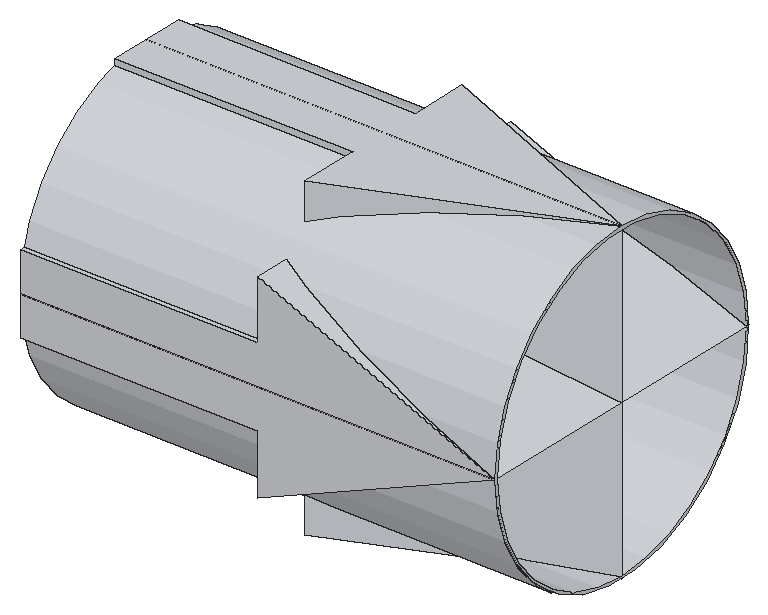
Revit family "Pipe Label", category Pipe Accessories, Revit 2021
Family settings
  Round Connector Dimension = Use Diameter
  Part Type = Normal
  Work Plane-Based = Yes
  Always vertical = Yes
  Cut with Voids When Loaded = No
  Shared = No
Parameters
  Radius [instance] = Oversize Diameter / 2  # 0' - 1"
  Oversize Diameter [instance] = Diameter + 0' 1"  # 0' - 2"
  Negative Radius [instance] = (Oversize Diameter / 2) * (-1)  # -0' - 1"
  Length [instance] = 0' - 3"
  Inner Diameter [instance] = Oversize Diameter - 0' 0 1/32"  # 0' - 1 31/32"
  GTP_PointRole_0 [instance] = ""
  GTP_PointNumber_0 [instance] = ""
  GTP_PointElement_0 [instance] = ""
  GTP_LinkedParam_0 [instance] = "GTP_PointNumber_0"
  Diameter [instance] = 0' - 1"
  Default Elevation = 4' - 0"
Reference planes (in)
  plane 1 "Center (Front/Back)": y = 0
  plane 2: z = 0
  plane 3 "Center (Left/Right)": x = 0
  plane 4: x = -1.5
  plane 5: x = 1.5
Forms (in)
  Extrusion 1, solid
    sketch origin (0, 0, 3) x (0, 1, 0) y (0, 0, 1)
      loop
        circle (0, -3) r 1
      loop
        circle (0, -3) r 0.98438
    from -1.5 to 1.5
  Extrusion 2, solid
    sketch origin (0, 0, 0) x (1, 0, 0) y (0, 1, 0)
      loop
        line (-1.5, -0.25) -> (0, -0.25) -> (0, -0.625) -> (1.5, 0) -> (0, 0.61206) -> (0, 0.25) -> (-1.5, 0.25) -> (-1.5, -0.25)
    from -1 <- "Negative Radius" to 1 <- "Radius"
  Extrusion 3, solid
    sketch origin (0, 0, 0) x (1, 0, 0) y (0, 0, 1)
      loop
        line (0, 0.625) -> (0, 0.25) -> (-1.5, 0.25) -> (-1.5, -0.25) -> (0, -0.25) -> (0, -0.625) -> (1.5, 0) -> (0, 0.625)
    from -1 <- "Negative Radius" to 1 <- "Radius"
Dimensions and locks (in)
  equal spacing: plane 4, plane 3 "Center (Left/Right)", plane 5
  "Length": plane 4 to plane 5
  "Oversize Diameter": diameter of Extrusion 1 sketch curve
  "Inner Diameter": diameter of Extrusion 1 sketch curve
  aligned and locked: plane 2 to level
  aligned and locked: Extrusion 1 to plane 4
  aligned and locked: plane 5 to Extrusion 1
Automatic sketch dimensions
  Extrusion 2 sketch curve to plane 4 = 0' - 0"
  Extrusion 2 sketch curve to plane 3 "Center (Left/Right)" = 0' - 0"  (x2)
  plane 1 "Center (Front/Back)" to Extrusion 2 sketch curve = 0' - 0"
  Extrusion 2 sketch curve to plane 5 = 0' - 0"
  plane 1 "Center (Front/Back)" to Extrusion 2 sketch curve = 0' - 0 1/4"
  Extrusion 2 sketch curve to plane 1 "Center (Front/Back)" = 0' - 0 1/4"
  Extrusion 2 sketch curve to Extrusion 2 sketch curve = 0' - 0 3/8"
  Extrusion 2 sketch curve to Extrusion 2 sketch curve = 0' - 0.36206"
  Extrusion 3 sketch curve to plane 4 = 0' - 0"
  Extrusion 3 sketch curve to plane 3 "Center (Left/Right)" = 0' - 0"  (x2)
  Extrusion 3 sketch curve to level = 0' - 0"
  Extrusion 3 sketch curve to plane 5 = 0' - 0"
  Extrusion 3 sketch curve to level = 0' - 0 1/4"
  level to Extrusion 3 sketch curve = 0' - 0 1/4"
  Extrusion 3 sketch curve to Extrusion 3 sketch curve = 0' - 0 3/8"  (x2)
  Extrusion 1 sketch curve to Extrusion 1 sketch curve = 0' - 0"  (x2)
  Extrusion 1 sketch curve to level = 0' - 0"
  Extrusion 1 sketch curve to plane 1 "Center (Front/Back)" = 0' - 0"
